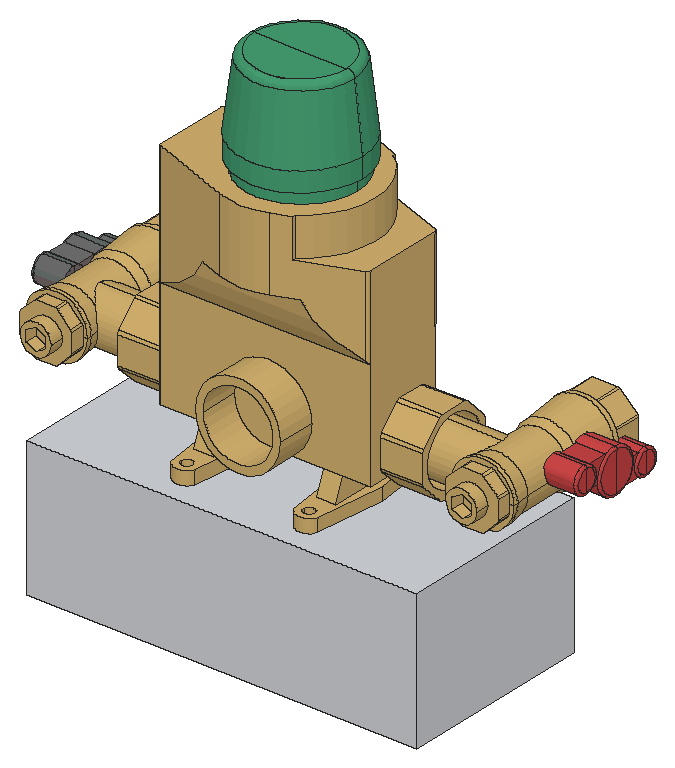
Revit family "PRE030022", category Accessoire de canalisation, Revit 2015
Parameters (values of type "84021 Prestotherm XL 450L")
  Version = "15"
  Variateur = PRESTO Variateur
  URL fabricant = "http://www.prestodatashare.com/centretelechargement/index.php?lang=FR&refs=84021"
  Type de raccordement = "-"
  Référence = "84021"
  Profondeur nominale = "-"
  Pression = "1 a 5 bars Pression de service, statique maxi : 10 bars"
  Nom = "84021 Presto Mitigeur centralise prestotherm XL"
  Longueur nominale = "-"
  Lien site internet = "http://www.prestodatashare.com/centretelechargement/support.php?lang=GB&ref=84021"
  Lien données techniques = "http://www.prestodatashare.com/centretelechargement/index.php"
  Lien CCTP = "http://www.prestodatashare.com/centretelechargement/index.php"
  Hauteur nominale = "-"
  Garantie = "10 ans"
  Fonction = "Entrees G 1\"1/4 (33x42) Sortie G 1\"1/2 (40x49)"
  Flux de sortie [instance] = 1.0 L/s
  Flux de sortie minimum [instance] = 0.83 L/s
  Flux de sortie maximum [instance] = 7.5 L/s
  Flux d'entrée chaude [instance] = 1.0 L/s
  Finition = "Laiton Chrome"
  Fabricant = "LES ROBINETS PRESTO SA"  # constant formula
  FS [instance] = if(Flux de sortie > Flux de sortie minimum, if(Flux de sortie < Flux de sortie maximum, Flux de sortie, Flux de sortie maximum), Flux de sortie minimum)  # 1.0 L/s
  FEF [instance] = if(Flux d'entrée froide > Flux d'entrée minimum, if(Flux d'entrée froide < Flux d'entrée maximum, Flux d'entrée froide, Flux d'entrée maximum), Flux d'entrée minimum)  # 1.0 L/s
  Eau froide = PRESTO Noir
  Eau chaude = PRESTO Rouge
  Débit = "Debit maximum : 450 L/Mn a 3 bars Minimum : 50 L/Mn a 3 bars"
  Diamètre nominal sortie = 40 mm
  Corps = PRESTO Laiton
  Polantis code = "PRE030022a"
  Pertes de charge = 100.0 Pa
  Flux d'entrée minimum [instance] = 0.0 L/s
  Flux d'entrée maximum [instance] = 7.5 L/s
  Flux d'entrée froide [instance] = 1.0 L/s
  FEC [instance] = if(Flux d'entrée chaude > Flux d'entrée minimum, if(Flux d'entrée chaude < Flux d'entrée maximum, Flux d'entrée chaude, Flux d'entrée maximum), Flux d'entrée minimum)  # 1.0 L/s
  Default Elevation = 0 mm
  Diamètre nominal entrée = 32 mm
  Adresse du fabricant = "7 RUE RACINE  92542 MONTROUGE CEDEX FRANCE"
Types (2, lengths in mm): name | URL fabricant | Référence | Nom | Lien site internet | Fonction | Flux de sortie minimum | Flux de sortie maximum | Débit | Diamètre nominal sortie | Polantis code | Flux d'entrée maximum | Diamètre nominal entrée
  84020 Prestotherm XL 280L | "http://www.prestodatashare.com/centretelechargement/index.php?lang=FR&refs=84020" | "84020" | "84020 Presto Mitigeur centralise prestotherm XL" | "http://www.prestodatashare.com/centretelechargement/support.php?lang=GB&ref=84020" | "Entrees G 1\" (26x34) Sortie G 1\"1/4 (33x42)" | 0.25 L/s | 4.67 L/s | "Debit maximum : 280 L/Mn a 3 bars Minimum : 15 L/Mn a 3 bars" | 32 | "PRE030022" | 4.67 L/s | 25
  84021 Prestotherm XL 450L | "http://www.prestodatashare.com/centretelechargement/index.php?lang=FR&refs=84021" | "84021" | "84021 Presto Mitigeur centralise prestotherm XL" | "http://www.prestodatashare.com/centretelechargement/support.php?lang=GB&ref=84021" | "Entrees G 1\"1/4 (33x42) Sortie G 1\"1/2 (40x49)" | 0.83 L/s | 7.5 L/s | "Debit maximum : 450 L/Mn a 3 bars Minimum : 50 L/Mn a 3 bars" | 40 | "PRE030022a" | 7.5 L/s | 32
Reference planes
  plane 1 "Centre (avant/arrière)": y = 0
  plane 2: z = 0
  plane 3 "Centre (gauche/droite)": x = 0
  plane 4: x = -75
  plane 5: x = 75
Forms (mm)
  Extrusion 1, solid
    sketch origin (0, 0, 0) x (1, 0, 0) y (0, 1, 0)
      loop
        line (-120, 60) -> (-120, -60) -> (119.175, -60) -> (119.175, 60) -> (-120, 60)
    from 0 to -84.94
  Extrusion 2, solid, not visible
    sketch origin (0, 0, 0) x (1, 0, 0) y (0, 1, 0)
      loop
        circle (-75, 0) r 1.961
    from 0 to 1
  Extrusion 3, solid, not visible
    sketch origin (0, 0, 0) x (1, 0, 0) y (0, 1, 0)
      loop
        circle (75, 0) r 2.037
    from 0 to 1
Dimensions and locks
  aligned and locked: plane 2 to Extrusion 1
  aligned and locked: level to Extrusion 1
  aligned and locked: nested 1 to level
Nested families
  nested 1: "PRE030022" at (0, 70, 115) x (-1, 0, 0) z (0, -1, 0), type "PRE030022"
Connectors
  piping at (130.594, 70, 43.402), diameter 32, driven by "Diamètre nominal entrée", driven by "FEC", driven by "Pertes de charge"
    settings: on nested 1, index 1, connector inside diameter 609.6 mm, connector length 0 mm, flow factor 0, pipe flow 1.0 L/s, pressure drop 100.0 Pa, fitting loss kfactor 0, connector angle 0.00°, fixture units 0, engagement length 0 mm, angle of deflection 0.00°, flow configuration 0, flow direction 1, fitting loss method 4, system type 19, joint type 0, gender type 0, connector reference index -1, connector utility 0, adjustable connector no, is connector primary yes, connector description ""
  piping at (-130.594, 70, 43.402), diameter 32, driven by "Diamètre nominal entrée", driven by "FEF", driven by "Pertes de charge"
    settings: on nested 1, index 2, connector inside diameter 609.6 mm, connector length 0 mm, flow factor 0, pipe flow 1.0 L/s, pressure drop 100.0 Pa, fitting loss kfactor 0, connector angle 0.00°, fixture units 0, engagement length 0 mm, angle of deflection 0.00°, flow configuration 0, flow direction 1, fitting loss method 4, system type 20, joint type 0, gender type 0, connector reference index -1, connector utility 0, adjustable connector no, is connector primary no, connector description ""
  piping at (0, -48, 45.097), diameter 40, driven by "Diamètre nominal sortie", driven by "FS", driven by "Pertes de charge"
    settings: on nested 1, index 3, connector inside diameter 609.6 mm, connector length 0 mm, flow factor 0, pipe flow 1.0 L/s, pressure drop 100.0 Pa, fitting loss kfactor 0, connector angle 0.00°, fixture units 0, engagement length 0 mm, angle of deflection 0.00°, flow configuration 0, flow direction 2, fitting loss method 4, system type 29, joint type 0, gender type 0, connector reference index -1, connector utility 0, adjustable connector no, is connector primary no, connector description ""
Definition of nested family "PRE030022"
  Parameters (values of type "PRE030022")
    Polantis Code = "PRE030022"
    Finishes 1 = none
    Default Elevation = 1219.2 mm
    4 = none
    3 = none
    2 = none
  Reference planes
    plane 1 "Center (Front/Back)": y = 0
    plane 2: z = 0
    plane 3 "Center (Left/Right)": x = 0
  Forms (mm)
    Extrusion 1, solid, material <- "Finishes 1"
      sketch origin (0, 0, 70) x (1, 0, 0) y (0, 0, 1)
        loop
          line (-62.5, 24.607) -> (-62.5, -24.607)
          arc (-62.5, -24.607) -> (-62.138, -25.754) -> (-61.184, -26.486) r 2
          line (-61.184, -26.486) -> (-15.467, -43.126)
          arc (-15.467, -43.126) -> (-0.076, -45.84) -> (15.315, -43.126) r 45
          line (15.315, -43.126) -> (66.184, -24.611)
          arc (66.184, -24.611) -> (67.138, -23.879) -> (67.5, -22.732) r 2
          line (67.5, -22.732) -> (67.5, 22.732)
          arc (67.5, 22.732) -> (67.138, 23.879) -> (66.184, 24.611) r 2
          line (66.184, 24.611) -> (15.315, 43.126)
          arc (15.315, 43.126) -> (-0.076, 45.84) -> (-15.467, 43.126) r 45
          line (-15.467, 43.126) -> (-61.184, 26.486)
          arc (-61.184, 26.486) -> (-62.138, 25.754) -> (-62.5, 24.607) r 2
      from -92 to 50
    Extrusion 2, void
      sketch origin (0, 0, 70) x (0, 1, 0) y (0, 0, 1)
        loop
          arc (-5, 37.756) -> (10.935, 33.36) -> (24.936, 24.574) r 56.957
          line (24.936, 24.574) -> (99.936, 24.574) -> (99.936, 56.421) -> (-5, 56.421) -> (-5, 37.756)
        loop
          line (-5, -37.756) -> (-5, -56.421) -> (99.936, -56.421) -> (99.936, -24.574) -> (24.936, -24.574)
          arc (24.936, -24.574) -> (10.935, -33.36) -> (-5, -37.756) r 56.957
      from -88.225 to 75
    Sweep 3, void
      path origin (0, 0, 70) x (1, 0, 0) y (0, 1, 0)
        loop
          line (-57.464, -26.5) -> (-57.464, -80.707)
      profile origin (-57.464, -53.603, 70) x (1, 0, 0) y (0, 0, 1)
        loop
          line (31.024, 37.432) -> (31.024, 60.68) -> (-10.611, 60.68) -> (-10.611, -25.061) -> (0.898, -56.682) -> (31.024, -56.682) -> (31.024, -37.432)
          arc (31.024, -37.432) -> (11.612, 0) -> (31.024, 37.432) r 45.797
    Revolve 4, solid, material <- "4"
      sketch origin (0, 0, 70) x (1, 0, 0) y (0, 1, 0)
        loop
          line (-0.076, -50) -> (-34.698, -50) -> (-34.698, -58) -> (-37.829, -58) -> (-37.829, -69.969) -> (-32.79, -111.009)
          arc (-32.79, -111.009) -> (-31.29, -113.859) -> (-28.279, -115) r 4.544
          line (-28.279, -115) -> (-0.076, -115) -> (-0.076, -50)
        axis (-0.076, -50) -> (-0.076, -115)
      angle from 0 to 360
    Extrusion 5, solid, material <- "Finishes 1"
      sketch origin (0, 0, 70) x (1, 0, 0) y (0, 1, 0)
        loop
          circle (0, 69.903) r 26.109
        loop
          circle (0, 69.903) r 21.369
      from 0 to 48
    Extrusion 6, solid, material <- "Finishes 1"
      sketch origin (0, 0, 70) x (1, 0, 0) y (0, 1, 0)
        loop
          circle (130.389, 71.985) r 9.5
        loop
          line (130.6, 78.928) -> (124.6, 75.464) -> (124.6, 68.536) -> (130.6, 65.072) -> (136.6, 68.536) -> (136.6, 75.464) -> (130.6, 78.928)
      from 32 to 40
    Extrusion 7, solid, material <- "Finishes 1"
      sketch origin (0, 0, 70) x (1, 0, 0) y (0, 1, 0)
        loop
          line (124.855, 88) -> (123.348, 87.376) -> (115.371, 79.399) -> (114.6, 77.745) -> (114.6, 66.087) -> (115.224, 64.748) -> (123.374, 56.599) -> (124.855, 56) -> (136.345, 56) -> (137.852, 56.624) -> (145.976, 64.748) -> (146.6, 66.255) -> (146.6, 77.537) -> (145.976, 79.252) -> (137.999, 87.229) -> (136.345, 88) -> (124.855, 88)
      from 24 to 32
    Revolve 8, solid, material <- "Finishes 1"
      sketch origin (0, 72.022, 70) x (1, 0, 0) y (0, 0, 1)
        loop
          line (130.6, 24) -> (130.6, -53) -> (152.422, -53) -> (152.422, -50.036) -> (150.243, -25.131) -> (148.367, -18.996) -> (148.367, 11.976) -> (149.87, 21.464) -> (149.87, 24) -> (130.6, 24)
        axis (130.6, -53) -> (130.6, 24)
      angle from 0 to 360
    Extrusion 9, solid, material <- "Finishes 1"
      sketch origin (0, 0, 70) x (1, 0, 0) y (0, 1, 0)
        loop
          line (122.987, 92) -> (121.841, 91.525) -> (110.984, 80.668) -> (110.6, 79.613) -> (110.6, 64.545) -> (111.075, 63.241) -> (121.932, 52.384) -> (122.987, 52) -> (138.341, 52) -> (139.359, 52.475) -> (150.216, 63.332) -> (150.6, 64.387) -> (150.6, 79.641) -> (150.125, 80.759) -> (139.268, 91.616) -> (138.213, 92) -> (122.987, 92)
        loop
          circle (130.594, 71.598) r 17.756
      from -70 to -53
    Revolve 10, solid, material <- "3"
      sketch origin (0, 0, 60) x (1, 0, 0) y (0, 1, 0)
        loop
          line (146.833, 66.991) -> (146.833, 59.01) -> (165.606, 59.01)
          arc (165.606, 59.01) -> (166.65, 59.443) -> (167.083, 60.487) r 1.477
          line (167.083, 60.487) -> (167.083, 66.991) -> (146.833, 66.991)
        axis (146.833, 66.991) -> (167.083, 66.991)
      angle from 0 to 360
    Revolve 11, solid, material <- "3"
      sketch origin (0, 5.085, 36.933) x (1, 0, 0) y (0, 1, 0)
        loop
          line (146.634, 66.991) -> (146.634, 53.541) -> (165.606, 53.541)
          arc (165.606, 53.541) -> (166.65, 53.974) -> (167.083, 55.018) r 1.477
          line (167.083, 55.018) -> (167.083, 66.991) -> (146.634, 66.991)
        axis (146.634, 66.991) -> (167.083, 66.991)
      angle from 0 to 360
    Revolve 12, solid, material <- "3"
      sketch origin (0, 10.009, 14.069) x (1, 0, 0) y (0, 1, 0)
        loop
          line (150.809, 66.991) -> (150.809, 59.01) -> (165.606, 59.01)
          arc (165.606, 59.01) -> (166.65, 59.443) -> (167.083, 60.487) r 1.477
          line (167.083, 60.487) -> (167.083, 66.991) -> (150.809, 66.991)
        axis (150.809, 66.991) -> (167.083, 66.991)
      angle from 0 to 360
    Extrusion 13, solid, material <- "3"
      sketch origin (0, 0, 70) x (0, 1, 0) y (0, 0, 1)
        loop
          arc (60.243, -26.675) -> (65.903, -21.074) -> (73.75, -19.722) r 13.271
          line (73.75, -19.722) -> (73.75, -14.245)
          arc (73.75, -14.245) -> (66.996, -17.986) -> (60.243, -14.208) r 7.967
          line (60.243, -14.208) -> (60.243, -26.675)
        loop
          arc (83.75, -39.748) -> (78.016, -45.134) -> (70.251, -46.393) r 13.45
          line (70.251, -46.393) -> (70.251, -51.672)
          arc (70.251, -51.672) -> (77, -47.95) -> (83.75, -51.672) r 7.981
          line (83.75, -51.672) -> (83.75, -39.748)
      from 147.75 to 165.6
    Extrusion 14, solid, material <- "Finishes 1"
      sketch origin (0, 0, 70) x (0, 1, 0) y (0, 0, 1)
        loop
          line (80.529, 23.5) -> (63.471, 23.5) -> (61.449, 22.683) -> (49.352, 10.586) -> (48.5, 8.579) -> (48.5, -8.529) -> (49.317, -10.551) -> (61.414, -22.648) -> (63.522, -23.5) -> (80.529, -23.5) -> (82.423, -22.811) -> (94.648, -10.586) -> (95.5, -8.478) -> (95.5, 8.529) -> (94.811, 10.423) -> (82.586, 22.648) -> (80.529, 23.5)
        loop
          circle (71.8, -0.039) r 20.493
      from 67.5 to 93.6
    Extrusion 15, solid, material <- "Finishes 1"
      sketch origin (0, 0, 70) x (0, 1, 0) y (0, 0, 1)
        loop
          circle (71.921, 0) r 16.328
      from 55 to 124.855
    Extrusion 16, solid, material <- "Finishes 1"
      sketch origin (0, 0, 70) x (0, 1, 0) y (0, 0, 1)
        loop
          line (107, 27.5) -> (82.66, 17.418) -> (82.66, -17.418) -> (107, -27.5) -> (107, 27.5)
      from 31.5 to 43.5
    Extrusion 17, solid, material <- "Finishes 1"
      sketch origin (0, 0, 70) x (1, 0, 0) y (0, 0, 1)
        loop
          line (25, 0) -> (30.251, -43.013)
          arc (30.251, -43.013) -> (37.483, -48.013) -> (44.718, -43.017) r 7.734
          line (44.718, -43.017) -> (50, 0) -> (44.763, 42.895)
          arc (44.763, 42.895) -> (37.61, 48.012) -> (30.295, 43.127) r 7.734
          line (30.295, 43.127) -> (25, 0)
        loop
          circle (37.485, -40.513) r 3.503
        loop
          circle (37.485, 40.513) r 3.503
      from -115 to -107
    Extrusion 18, solid, material <- "Finishes 1"
      sketch origin (0, 0, 70) x (0, 1, 0) y (0, 0, -1)
        loop
          line (107, -27.5) -> (107, 27.5) -> (82.66, 17.418) -> (82.66, -17.418) -> (107, -27.5)
      from 31.5 to 43.5
    Extrusion 19, solid, material <- "Finishes 1"
      sketch origin (0, 0, 70) x (-1, 0, 0) y (0, 0, -1)
        loop
          line (25, 0) -> (30.295, -43.127)
          arc (30.295, -43.127) -> (37.61, -48.012) -> (44.763, -42.895) r 7.734
          line (44.763, -42.895) -> (50, 0) -> (44.718, 43.017)
          arc (44.718, 43.017) -> (37.483, 48.013) -> (30.251, 43.013) r 7.734
          line (30.251, 43.013) -> (25, 0)
        loop
          circle (37.485, 40.513) r 3.503
        loop
          circle (37.485, -40.513) r 3.503
      from -115 to -107
    Extrusion 20, solid, material <- "Finishes 1"
      sketch origin (0, 0, 70) x (-1, 0, 0) y (0, -1, 0)
        loop
          circle (130.389, -71.985) r 9.5
        loop
          line (130.6, -78.928) -> (136.6, -75.464) -> (136.6, -68.536) -> (130.6, -65.072) -> (124.6, -68.536) -> (124.6, -75.464) -> (130.6, -78.928)
      from 32 to 40
    Extrusion 21, solid, material <- "Finishes 1"
      sketch origin (0, 0, 70) x (-1, 0, 0) y (0, -1, 0)
        loop
          line (124.855, -88) -> (136.345, -88) -> (137.999, -87.229) -> (145.976, -79.252) -> (146.6, -77.537) -> (146.6, -66.255) -> (145.976, -64.748) -> (137.852, -56.624) -> (136.345, -56) -> (124.855, -56) -> (123.374, -56.599) -> (115.224, -64.748) -> (114.6, -66.087) -> (114.6, -77.745) -> (115.371, -79.399) -> (123.348, -87.376) -> (124.855, -88)
      from 24 to 32
    Revolve 22, solid, material <- "Finishes 1"
      sketch origin (0, 72.022, 70) x (-1, 0, 0) y (0, 0, -1)
        loop
          line (130.6, -24) -> (149.87, -24) -> (149.87, -21.464) -> (148.367, -11.976) -> (148.367, 18.996) -> (150.243, 25.131) -> (152.422, 50.036) -> (152.422, 53) -> (130.6, 53) -> (130.6, -24)
        axis (130.6, 53) -> (130.6, -24)
      angle from 0 to 360
    Extrusion 23, solid, material <- "Finishes 1"
      sketch origin (0, 0, 70) x (-1, 0, 0) y (0, -1, 0)
        loop
          line (122.987, -92) -> (138.213, -92) -> (139.268, -91.616) -> (150.125, -80.759) -> (150.6, -79.641) -> (150.6, -64.387) -> (150.216, -63.332) -> (139.359, -52.475) -> (138.341, -52) -> (122.987, -52) -> (121.932, -52.384) -> (111.075, -63.241) -> (110.6, -64.545) -> (110.6, -79.613) -> (110.984, -80.668) -> (121.841, -91.525) -> (122.987, -92)
        loop
          circle (130.594, -71.598) r 17.756
      from -70 to -53
    Revolve 24, solid, material <- "2"
      sketch origin (0, 0, 60) x (-1, 0, 0) y (0, -1, 0)
        loop
          line (146.833, -66.991) -> (167.083, -66.991) -> (167.083, -60.487)
          arc (167.083, -60.487) -> (166.65, -59.443) -> (165.606, -59.01) r 1.477
          line (165.606, -59.01) -> (146.833, -59.01) -> (146.833, -66.991)
        axis (146.833, -66.991) -> (167.083, -66.991)
      angle from 0 to 360
    Revolve 25, solid, material <- "2"
      sketch origin (0, 5.085, 36.933) x (-1, 0, 0) y (0, -1, 0)
        loop
          line (146.634, -66.991) -> (167.083, -66.991) -> (167.083, -55.018)
          arc (167.083, -55.018) -> (166.65, -53.974) -> (165.606, -53.541) r 1.477
          line (165.606, -53.541) -> (146.634, -53.541) -> (146.634, -66.991)
        axis (146.634, -66.991) -> (167.083, -66.991)
      angle from 0 to 360
    Revolve 26, solid, material <- "2"
      sketch origin (0, 10.009, 14.069) x (-1, 0, 0) y (0, -1, 0)
        loop
          line (150.809, -66.991) -> (167.083, -66.991) -> (167.083, -60.487)
          arc (167.083, -60.487) -> (166.65, -59.443) -> (165.606, -59.01) r 1.477
          line (165.606, -59.01) -> (150.809, -59.01) -> (150.809, -66.991)
        axis (150.809, -66.991) -> (167.083, -66.991)
      angle from 0 to 360
    Extrusion 27, solid, material <- "2"
      sketch origin (0, 0, 70) x (0, 1, 0) y (0, 0, -1)
        loop
          line (60.243, 26.675) -> (60.243, 14.208)
          arc (60.243, 14.208) -> (66.996, 17.986) -> (73.75, 14.245) r 7.967
          line (73.75, 14.245) -> (73.75, 19.722)
          arc (73.75, 19.722) -> (65.903, 21.074) -> (60.243, 26.675) r 13.271
        loop
          line (83.75, 39.748) -> (83.75, 51.672)
          arc (83.75, 51.672) -> (77, 47.95) -> (70.251, 51.672) r 7.981
          line (70.251, 51.672) -> (70.251, 46.393)
          arc (70.251, 46.393) -> (78.016, 45.134) -> (83.75, 39.748) r 13.45
      from 147.75 to 165.6
    Extrusion 28, solid, material <- "Finishes 1"
      sketch origin (0, 0, 70) x (0, 1, 0) y (0, 0, -1)
        loop
          line (80.529, -23.5) -> (82.586, -22.648) -> (94.811, -10.423) -> (95.5, -8.529) -> (95.5, 8.478) -> (94.648, 10.586) -> (82.423, 22.811) -> (80.529, 23.5) -> (63.522, 23.5) -> (61.414, 22.648) -> (49.317, 10.551) -> (48.5, 8.529) -> (48.5, -8.579) -> (49.352, -10.586) -> (61.449, -22.683) -> (63.471, -23.5) -> (80.529, -23.5)
        loop
          circle (71.8, 0.039) r 20.493
      from 67.5 to 93.6
    Extrusion 29, solid, material <- "Finishes 1"
      sketch origin (0, 0, 70) x (0, 1, 0) y (0, 0, -1)
        loop
          circle (71.921, 0) r 16.328
      from 55 to 124.855
  Cuts and joins
    Extrusion 2, Sweep 3 cuts Extrusion 1
    joined: Extrusion 1, Extrusion 5, Extrusion 16, Extrusion 18
    joined: Revolve 8, Extrusion 9, Extrusion 15
    joined: Revolve 22, Extrusion 29
